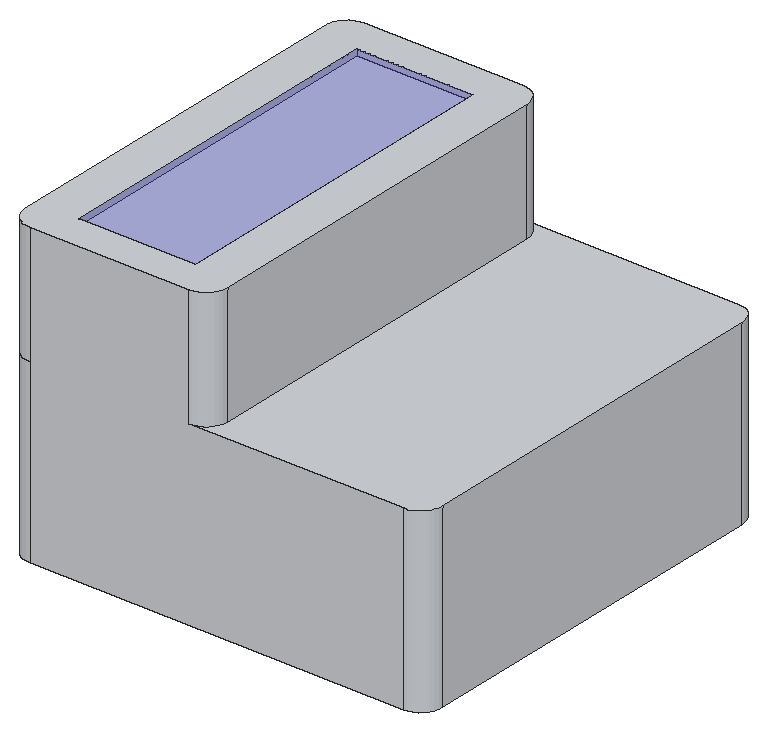
Revit family "Domotics-DomesticRanges-GEWISS-27COMBIDIN_SYSTEM-IP40_2M_4SY", category Apparecchi elettrici, host Superficie, Revit 2016 (continued)
Automatic sketch dimensions
  Filled region 23 sketch curve to plane 11 = 42.054 mm
  Filled region 23 sketch curve to plane 10 = 147.33 mm
  Filled region 23 sketch curve to plane 11 = 42.888 mm
  Filled region 23 sketch curve to Filled region 23 sketch curve = 5 mm
  Filled region 23 sketch curve to Filled region 23 sketch curve = 1.667 mm
  Filled region 24 sketch curve to plane 11 = 42.888 mm
  Filled region 24 sketch curve to plane 10 = 106.33 mm
  Filled region 24 sketch curve to plane 11 = 42.054 mm
  Filled region 24 sketch curve to Filled region 24 sketch curve = 5 mm
  Filled region 24 sketch curve to Filled region 24 sketch curve = 1.667 mm
  Extrusion 1 sketch curve to plane 14 = 6.487 mm  (x2)
  Extrusion 1 sketch curve to plane 20 = 4.02 mm
  Extrusion 1 sketch curve to plane 18 = 4.058 mm
  Filled region 25 sketch curve to level = 0 mm
  level to Filled region 25 sketch curve = 5 mm
  plane 12 to Filled region 25 sketch curve = 34.193 mm
  Filled region 25 sketch curve to Filled region 25 sketch curve = 0.833 mm
  Filled region 25 sketch curve to Filled region 25 sketch curve = 1.667 mm
  Filled region 26 sketch curve to plane 4 "Piano Allineamento Sportellino" = 0 mm
  Filled region 26 sketch curve to plane 9 = 3 mm
  plane 12 to Filled region 26 sketch curve = 34.193 mm
  Filled region 26 sketch curve to Filled region 26 sketch curve = 0.833 mm
  Filled region 26 sketch curve to Filled region 26 sketch curve = 1.667 mm
  Filled region 27 sketch curve to plane 4 "Piano Allineamento Sportellino" = 0 mm
  Filled region 27 sketch curve to plane 9 = 3 mm
  plane 12 to Filled region 27 sketch curve = 17.636 mm
  Filled region 27 sketch curve to Filled region 27 sketch curve = 0.833 mm
  Filled region 27 sketch curve to Filled region 27 sketch curve = 1.667 mm
  Filled region 28 sketch curve to plane 8 = 0 mm
  plane 12 to Filled region 28 sketch curve = 17.636 mm
  Filled region 28 sketch curve to plane 8 = 5 mm
  Filled region 28 sketch curve to Filled region 28 sketch curve = 0.833 mm
  Filled region 28 sketch curve to Filled region 28 sketch curve = 1.667 mm
  plane 6 to Filled region 29 sketch curve = 2.934 mm
  plane 12 to Filled region 29 sketch curve = 17.636 mm
  Filled region 29 sketch curve to plane 8 = 5 mm
  Filled region 29 sketch curve to Filled region 29 sketch curve = 0.833 mm
  Filled region 29 sketch curve to Filled region 29 sketch curve = 1.667 mm
  Filled region 30 sketch curve to level = 0 mm
  level to Filled region 30 sketch curve = 5 mm
  plane 12 to Filled region 30 sketch curve = 17.636 mm
  Filled region 30 sketch curve to Filled region 30 sketch curve = 0.833 mm
  Filled region 30 sketch curve to Filled region 30 sketch curve = 1.667 mm
  Filled region 31 sketch curve to plane 7 = 8.17 mm
  Filled region 31 sketch curve to plane 11 = 29.618 mm
  Filled region 31 sketch curve to plane 7 = 13.17 mm
  Filled region 31 sketch curve to Filled region 31 sketch curve = 0.833 mm
  Filled region 31 sketch curve to Filled region 31 sketch curve = 1.667 mm
  Filled region 32 sketch curve to plane 9 = 3.504 mm
  Filled region 32 sketch curve to plane 11 = 29.618 mm
  Filled region 32 sketch curve to plane 4 "Piano Allineamento Sportellino" = 0.504 mm
  Filled region 32 sketch curve to Filled region 32 sketch curve = 0.833 mm
  Filled region 32 sketch curve to Filled region 32 sketch curve = 1.667 mm
  Filled region 33 sketch curve to plane 11 = 12.088 mm
  Filled region 33 sketch curve to Filled region 33 sketch curve = 0.833 mm
  Filled region 33 sketch curve to Filled region 33 sketch curve = 1.667 mm
  Filled region 33 sketch curve to plane 7 = 13.17 mm
  Filled region 33 sketch curve to Filled region 33 sketch curve = 5 mm
  Filled region 34 sketch curve to plane 8 = 4.704 mm
  Filled region 34 sketch curve to plane 11 = 12.088 mm
  plane 8 to Filled region 34 sketch curve = 0.296 mm
  Filled region 34 sketch curve to Filled region 34 sketch curve = 0.833 mm
  Filled region 34 sketch curve to Filled region 34 sketch curve = 1.667 mm
  plane 6 to Filled region 35 sketch curve = 1.83 mm
  Filled region 35 sketch curve to plane 11 = 11.908 mm
  Filled region 35 sketch curve to plane 11 = 11.074 mm
  Filled region 35 sketch curve to Filled region 35 sketch curve = 1.667 mm
  Filled region 35 sketch curve to plane 7 = 13.17 mm
  Filled region 36 sketch curve to plane 6 = 5.77 mm
  Filled region 36 sketch curve to plane 11 = 11.908 mm
  level to Filled region 36 sketch curve = 1.296 mm
  Filled region 36 sketch curve to plane 11 = 11.074 mm
  Filled region 36 sketch curve to Filled region 36 sketch curve = 1.667 mm
  Extrusion 2 sketch curve to plane 14 = 6.487 mm  (x2)
  Extrusion 2 sketch curve to plane 18 = 4.058 mm
  plane 10 to Extrusion 2 sketch curve = 7 mm
  Extrusion 3 sketch curve to plane 24 = 0 mm
  Extrusion 3 sketch curve to plane 20 = 0 mm
  Extrusion 3 sketch curve to plane 26 = 0 mm
  plane 10 to Extrusion 3 sketch curve = 15.097 mm
  curve 19 to Extrusion 1 = 6.322 mm
  curve 20 to Extrusion 1 = 6.322 mm
  curve 13 to Extrusion 1 = 7.088 mm
  curve 13 to Extrusion 1 = 11.452 mm
  curve 14 to Extrusion 1 = 7.051 mm
  curve 14 to Extrusion 1 = 11.452 mm
  curve 19 to Extrusion 1 = 7.046 mm
  curve 20 to Extrusion 1 = 7.084 mm
  curve 11 to curve 20 = 0.005 mm
  curve 9 to Extrusion 1 = 2.034 mm
  curve 9 to curve 19 = 0.005 mm
  curve 26 to curve 19 = 2.135 mm
  curve 27 to curve 20 = 2.135 mm
  curve 12 to Extrusion 1 = 1.576 mm
  curve 10 to Extrusion 1 = 1.576 mm
  curve 26 to Extrusion 1 = 4.962 mm
  curve 19 to curve 26 = 2.135 mm
  curve 27 to Extrusion 1 = 5 mm
  curve 20 to curve 27 = 2.135 mm
  curve 27 to curve 12 = 2.611 mm
  curve 26 to curve 10 = 2.634 mm
  curve 4 to curve 14 = 4.746 mm
  curve 2 to curve 13 = 4.746 mm
  curve 22 to Extrusion 1 = 5.005 mm
  curve 22 to curve 13 = 2.135 mm
  curve 23 to Extrusion 1 = 4.967 mm
  curve 23 to curve 14 = 2.135 mm
  curve 1 to curve 13 = 0 mm
  curve 3 to curve 14 = 0 mm
  curve 22 to Extrusion 1 = 9.172 mm
  curve 23 to Extrusion 1 = 9.134 mm
  curve 23 to curve 4 = 2.611 mm
  curve 22 to curve 2 = 2.611 mm
  curve 4 to curve 23 = 2.084 mm
  curve 26 to curve 10 = 2.084 mm
  curve 3 to Extrusion 1 = 2.034 mm
  curve 23 to curve 3 = 2.933 mm
  curve 26 to curve 9 = 2.937 mm
  curve 1 to curve 22 = 2.933 mm
  curve 11 to curve 27 = 2.89 mm
  curve 2 to curve 22 = 2.084 mm
  curve 27 to curve 12 = 2.084 mm
  curve 1 to Extrusion 1 = 2.072 mm
  curve 11 to Extrusion 1 = 2.072 mm
  curve 17 to Extrusion 2 = 6.311 mm
  curve 18 to Extrusion 2 = 6.311 mm
  curve 17 to Extrusion 2 = 7.082 mm
  curve 18 to Extrusion 2 = 7.084 mm
  curve 24 to curve 17 = 2.135 mm
  curve 25 to curve 18 = 2.135 mm
  curve 8 to curve 25 = 2.611 mm
  curve 6 to curve 24 = 2.631 mm
  curve 24 to curve 5 = 2.139 mm
  curve 18 to curve 7 = 0.005 mm
  curve 17 to curve 24 = 2.135 mm
  curve 18 to curve 25 = 2.135 mm
  curve 6 to Extrusion 2 = 1.566 mm
  curve 8 to Extrusion 2 = 1.566 mm
  curve 6 to curve 17 = 0 mm
  curve 24 to curve 17 = 2.084 mm
  curve 5 to Extrusion 2 = 2.07 mm
  curve 24 to curve 5 = 2.937 mm
  curve 7 to curve 18 = 5.021 mm
  curve 25 to curve 18 = 2.084 mm
  curve 25 to curve 8 = 2.084 mm
  curve 7 to Extrusion 2 = 2.072 mm
  plane 18 to Extrusion 6 sketch curve = 0 mm
  Extrusion 7 sketch curve to plane 24 = 0 mm
  Extrusion 7 sketch curve to plane 25 = 0 mm
  plane 10 to Extrusion 7 sketch curve = 15.097 mm
  plane 23 to Extrusion 7 sketch curve = 4.381 mm
Types (2, lengths in mm): name | URL | Produttore | Modello | Descrizione
  (no name) | 0 | 0 | 0 | 0
  GW27071 - Enclosure 2mod.DIN+(2x2)mod. System | "https://www.gewiss.com/ww/en" | "GEWISS S.p.A." | "GW27071" | "ENCLOSURE 2MOD.DIN+(2X2)MOD.SYSTEM"
